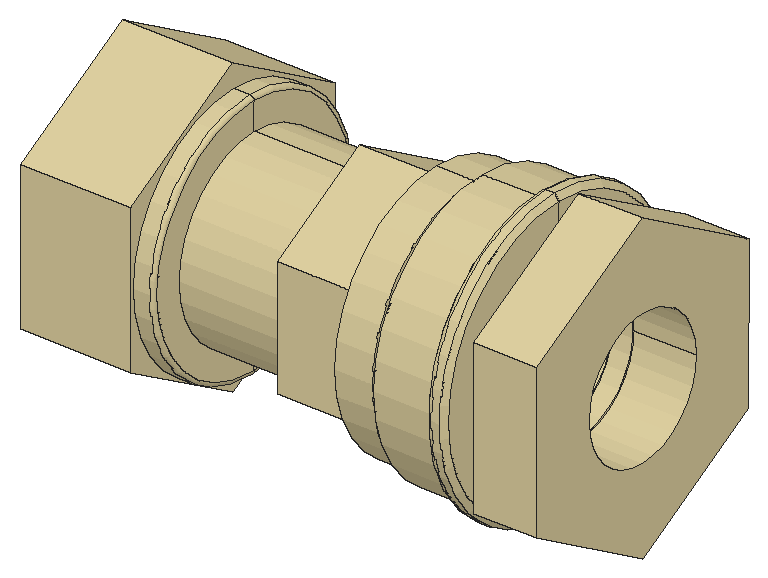
Revit family "HA07510000", category Apparecchi idraulici, Revit 2020
Family settings
  Quota connettore circolare = Usa diametro
  Tipo di parte = Normale
  Numero OmniClass = 23.45.00.00
  Titolo OmniClass = Sanitary, Laundry, and Cleaning Equipment
  Basato su piano di lavoro = No
  Sempre verticale = Sì
  Taglio con vuoti quando caricato = No
  Condiviso = No
  Punto di calcolo locali = No
Parameters
  URL = "https://web.cimberio.com/index.php/figura/1004?subcategoria_id="
  Temperatura di esercizio = ""
  Prospetto di default = 0 mm
  Produttore = "CIMBERIO SPA"
  Pressione nominale = ""
  Modello = "Cim 751"
  Materiale = "Prodotto in lega di ottone conforme alla norma EN 12165-CW617N-DW"
  Descrizione = "Realizzato in ottemperanza ai requisiti gestionali della norma EN ISO 9001.\r\nUtilizzato per la regolazione della temperatura degli ambienti e comandare apparecchi degli impianti di riscaldamento e condizionamento."
  DN Model [instance] = HA07513131 : HA07513131
  DN [instance] = 16 mm
  Commenti sul tipo = "Utilizzato nei più svariati settori dell'impiantistica: reti di distribuzione acqua potabile, impianti di riscaldamento, condizionamento, igienico-sanitari e in generale con ogni fluido non corrosivo"
Reference planes
  plane 1 "Centro (Fronte/Retro)": y = 0
  plane 2: z = 0
  plane 3 "Centro (Sinistra/Destra)": x = 0
Dimensions and locks
  aligned and locked: level to plane 2
Nested families
  nested 1: "HA07513131" at (0, 0, 0), type <- "DN Model", type "HA07513131"
  nested 2: "HA07513131" at (0, 0, 0), type <- "DN Model", type "HA07513131"
  nested 3: "HA07513131" at (0, 0, 0), type <- "DN Model", type "HA07513131"
Connectors
  piping at (30.714, 0, 0), diameter 16, driven by "DN"
    settings: on nested 1, index 1, connector inside diameter 609.6 mm, connector length 0 mm, flow factor 0, pipe flow 0.0 L/s, pressure drop 0.0 Pa, fitting loss kfactor 0, connector angle 0.00°, fixture units 0, engagement length 0 mm, angle of deflection 0.00°, flow configuration 0, flow direction 0, fitting loss method 0, system type 7, joint type 0, gender type 0, connector reference index -1, connector utility 0, adjustable connector no, is connector primary yes, connector description ""
  piping at (-30.714, 0, 0), diameter 16, driven by "DN"
    settings: on nested 1, index 2, connector inside diameter 609.6 mm, connector length 0 mm, flow factor 0, pipe flow 0.0 L/s, pressure drop 0.0 Pa, fitting loss kfactor 0, connector angle 0.00°, fixture units 0, engagement length 0 mm, angle of deflection 0.00°, flow configuration 0, flow direction 0, fitting loss method 0, system type 7, joint type 0, gender type 0, connector reference index -1, connector utility 0, adjustable connector no, is connector primary no, connector description ""
Definition of nested family "HA07513131"
  Parameters (values of type "HA07513131")
    URL = ""
    Default Elevation = 0 mm
    Manufacturer = ""
    Model = ""
    Description = ""
    Type Comments = ""
  Reference planes
    plane 1 "Centro (Fronte/Retro)": y = 0
    plane 2: z = 0
    plane 3 "Centro (Sinistra/Destra)": x = 0
  Forms (mm)
    Revolve 1, solid
      sketch origin (25, 0, 0) x (-1, 0, 0) y (0, 0, -1)
        loop
          line (42.714, -8) -> (40.214, -8) -> (40.214, -14.248)
          arc (40.214, -14.248) -> (40.361, -14.603) -> (40.716, -14.75) r 0.502
          line (40.716, -14.75) -> (42.714, -14.75) -> (42.714, -8)
        axis (42.714, 0) -> (40.214, 0)
      angle from 0 to 360
    Revolve 2, solid
      sketch origin (25, 0, 0) x (-1, 0, 0) y (0, 0, -1)
        loop
          line (27.714, -11.1) -> (40.214, -11.1) -> (40.214, -8) -> (27.714, -8) -> (27.714, -11.1)
        axis (40.214, 0) -> (27.714, 0)
      angle from 0 to 360
    Revolve 3, solid
      sketch origin (25, 0, 0) x (-1, 0, 0) y (0, 0, -1)
        loop
          arc (19.214, -14) -> (20.463, -11.105) -> (21.009, -8) r 13.562
          line (21.009, -8) -> (4.214, -8) -> (4.214, -16.272) -> (4.714, -17) -> (5.714, -17)
          arc (5.714, -17) -> (6.068, -16.854) -> (6.214, -16.5) r 0.5
          arc (6.214, -16.5) -> (6.361, -16.146) -> (6.714, -16) r 0.5
          line (6.714, -16) -> (13.214, -16) -> (14.214, -15) -> (18.637, -15) -> (19.214, -14)
        axis (21.009, 0) -> (4.214, 0)
      angle from 0 to 360
    Revolve 4, solid
      sketch origin (25, 0, 0) x (-1, 0, 0) y (0, 0, -1)
        loop
          line (1.786, -12) -> (4.214, -12) -> (4.214, -8) -> (1.786, -8) -> (1.786, -12)
        axis (4.214, 0) -> (1.786, 0)
      angle from 0 to 360
    Extrusion 5, solid
      sketch origin (0, 0, 0) x (0, 1, 0) y (0, 0, 1)
        loop
          circle (0, 0) r 8
        loop
          line (0, 17.4) -> (-15.069, 8.7) -> (-15.069, -8.7) -> (0, -17.4) -> (15.069, -8.7) -> (15.069, 8.7) -> (0, 17.4)
      from -30.714 to -17.714
    Extrusion 6, solid
      sketch origin (0, 0, 0) x (0, 1, 0) y (0, 0, 1)
        loop
          circle (0, 0) r 8
        loop
          line (0, 14) -> (-12.124, 7) -> (-12.124, -7) -> (0, -14) -> (12.124, -7) -> (12.124, 7) -> (0, 14)
      from -2.714 to 6.363
    Extrusion 7, solid
      sketch origin (0, 0, 0) x (0, 1, 0) y (0, 0, 1)
        loop
          circle (0, 0) r 8
        loop
          line (0, 18) -> (-15.588, 9) -> (-15.588, -9) -> (0, -18) -> (15.588, -9) -> (15.588, 9) -> (0, 18)
      from 23.214 to 30.714
  Dimensions and locks
    aligned and locked: level to plane 2
